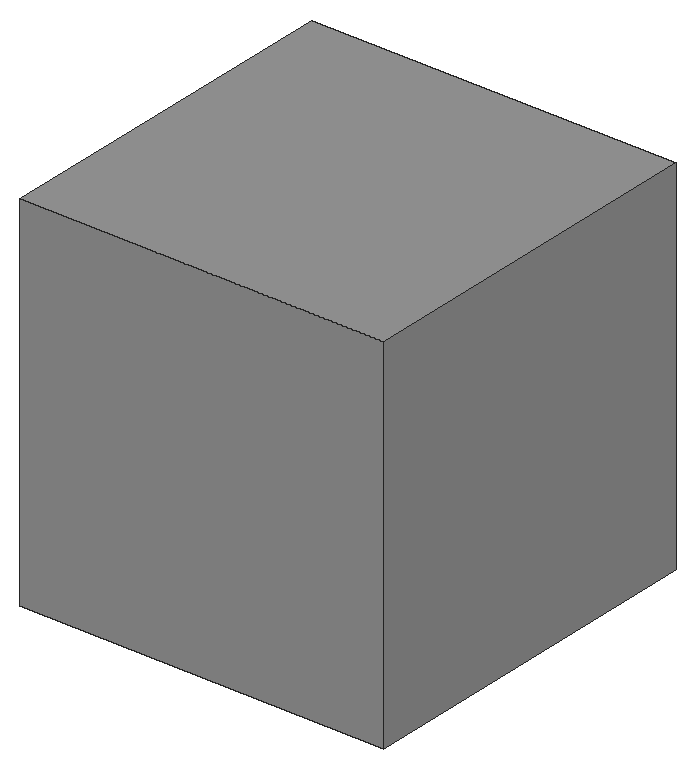
Revit family "Generic Family_test", category Generic Models, Revit 2015
Reference planes (in)
  plane 1 "Center (Front/Back)": y = 0
  plane 2: z = 0
  plane 3 "Center (Left/Right)": x = 0
Forms (in)
  Extrusion 1, solid, material "Test Material Inside Family"
    sketch origin (0, 0, 0) x (1, 0, 0) y (0, 1, 0)
      loop
        line (0, 0) -> (12, 0) -> (12, 12) -> (0, 12) -> (0, 0)
    from 0 to 12
Dimensions and locks (in)
  aligned and locked: plane 2 to level
